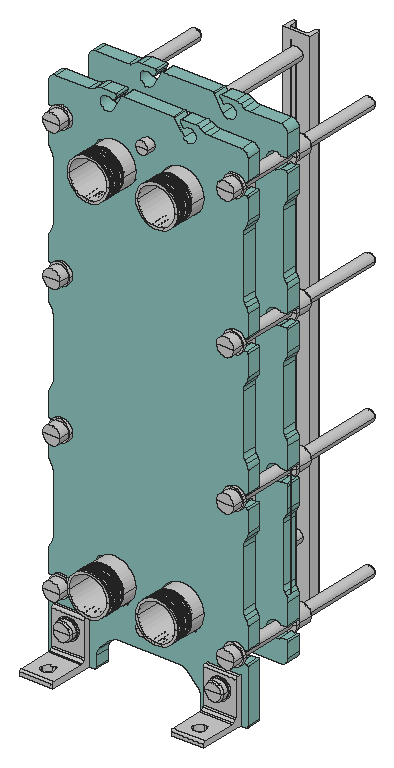
Revit family "Ekin_Endüstriyel - MIT509", category Specialty Equipment, Revit 2022
Family settings
  Round Connector Dimension = Use Diameter
  Part Type = Normal
  Work Plane-Based = No
  Always vertical = No
  Cut with Voids When Loaded = No
  Maintain Annotation Orientation = No
  Shared = No
  Room Calculation Point = No
Parameters (values of type "E12340000DD50L")
  URL = "https://en.ekinendustriyel.com/plate-heat-exchanger"
  Type Comments = "10 bar"
  Model = "E12340000DD50L"
  Material = Galvanized Steel- S235JR
  Manufacturer = "Ekin Endüstriyel"
  Keynote = "Threaded Connection"
  Description = "MIT - Heat Exchanger - 10 bar"
  Default Elevation = 0 mm
Reference planes
  plane 1 "Center (Front/Back)": y = 0
  plane 2: z = 0
  plane 3 "Center (Left/Right)": x = 0
  plane 4 "1": z = 318
  plane 5 "2": z = 73
  plane 6: z = 460
  plane 7: z = 417
  plane 8: x = 29.75
  plane 9: x = -29.75
Forms (mm)
  Extrusion 1, solid, material "Galvanized Steel - S235JR", detail levels coarse
    sketch origin (0, 0, 0) x (1, 0, 0) y (0, 0, 1)
      loop
        line (-146, 0) -> (146, 0) -> (146, 765) -> (-146, 765) -> (-146, 0)
    from 0 to -20
  Extrusion 2, solid, material "Galvanized Steel - S235JR", detail levels coarse
    sketch origin (0, 0, 0) x (1, 0, 0) y (0, 0, 1)
      loop
        line (-146, 0) -> (146, 0) -> (146, 765) -> (-146, 765) -> (-146, 0)
    from -73 to -93
  Extrusion 3, solid, material "Galvanized Steel- S235JR", detail levels coarse
    sketch origin (0, 0, 0) x (1, 0, 0) y (0, 0, 1)
      loop
        line (-146, 0) -> (146, 0) -> (146, 765) -> (-146, 765) -> (-146, 0)
    from -20 to -73
  Extrusion 4, solid, material "Galvanized Steel- S235JR", detail levels coarse
    sketch origin (0, 0, 318) x (-1, 0, 0) y (0, -1, 0)
      loop
        line (20, -270) -> (-20, -270) -> (-20, -289) -> (20, -289) -> (20, -270)
    from -318 to 427
  Extrusion 5, solid, material "Galvanized Steel- S235JR", detail levels coarse
    sketch origin (0, 0, 0) x (1, 0, 0) y (0, 0, 1)
      loop
        line (-82, 641) -> (82, 641) -> (82, 705) -> (-82, 705) -> (-82, 641)
      loop
        line (-82, 159) -> (-82, 95) -> (82, 95) -> (82, 159) -> (-82, 159)
    from 0 to 48.045
  Extrusion 6, solid, material "Galvanized Steel- S235JR", detail levels coarse
    sketch origin (0, 93, 0) x (-1, 0, 0) y (0, 0, 1)
      loop
        circle (126.8, 707.5) r 8
      loop
        circle (-126.8, 707.5) r 8
      loop
        circle (-126.8, 502.5) r 8
      loop
        circle (126.8, 502.5) r 8
      loop
        circle (126.8, 297.5) r 8
      loop
        circle (-126.8, 297.5) r 8
      loop
        circle (-126.8, 92.5) r 8
      loop
        circle (126.8, 92.5) r 8
    from 0 to 152.8
  Extrusion 7, solid, material "Galvanized Steel- S235JR", detail levels coarse
    sketch origin (-20, 270, 318) x (1, 0, 0) y (0, 0, 1)
      loop
        circle (20, 398) r 9.5
      loop
        circle (20, -234) r 9.5
    from 0 to 177
  Extrusion 8, solid, material "Galvanized Steel- S235JR", detail levels coarse
    sketch origin (0, 0, 318) x (-1, 0, 0) y (0, -1, 0)
      loop
        line (135, 67) -> (87, 67) -> (87, 0) -> (135, 0) -> (135, 67)
      loop
        line (-135, 67) -> (-135, 0) -> (-87, 0) -> (-87, 67) -> (-135, 67)
    from -318 to -251
  Extrusion 9, solid, material "Galvanized Steel - S235JR", detail levels medium
    sketch origin (0, 0, 0) x (1, 0, 0) y (0, 0, 1)
      loop
        line (-146, 0) -> (146, 0) -> (146, 765) -> (-146, 765) -> (-146, 0)
    from 0 to -20
  Extrusion 10, solid, material "Galvanized Steel - S235JR", detail levels medium
    sketch origin (0, 0, 0) x (1, 0, 0) y (0, 0, 1)
      loop
        line (-146, 0) -> (146, 0) -> (146, 765) -> (-146, 765) -> (-146, 0)
    from -73 to -93
  Extrusion 11, solid, material "Galvanized Steel- S235JR", detail levels medium
    sketch origin (0, 0, 0) x (1, 0, 0) y (0, 0, 1)
      loop
        line (-97, 674) -> (-97, 123)
        arc (-97, 123) -> (-83.234, 89.766) -> (-50, 76) r 47
        line (-50, 76) -> (-9.5, 76) -> (-9.5, 84)
        arc (-9.5, 84) -> (0, 93.5) -> (9.5, 84) r 9.5
        line (9.5, 84) -> (9.5, 76) -> (50, 76)
        arc (50, 76) -> (83.234, 89.766) -> (97, 123) r 47
        line (97, 123) -> (97, 674)
        arc (97, 674) -> (83.234, 707.234) -> (50, 721) r 47
        line (50, 721) -> (9.5, 721) -> (9.5, 713)
        arc (9.5, 713) -> (0, 703.5) -> (-9.5, 713) r 9.5
        line (-9.5, 713) -> (-9.5, 721) -> (-50, 721)
        arc (-50, 721) -> (-83.234, 707.234) -> (-97, 674) r 47
    from -73 to -20
  Extrusion 12, solid, material "Galvanized Steel- S235JR", detail levels medium
    sketch origin (0, 0, 0) x (1, 0, 0) y (0, 0, 1)
      loop
        circle (-50, 673) r 30
      loop
        circle (50, 673) r 30
      loop
        circle (-50, 127) r 30
      loop
        circle (50, 127) r 30
      loop
        circle (-50, 127) r 26.5
      loop
        circle (50, 127) r 26.5
      loop
        circle (-50, 673) r 26.5
      loop
        circle (50, 673) r 26.5
    from 0 to 48
  Extrusion 13, solid, material "Galvanized Steel- S235JR", detail levels medium
    sketch origin (0, 0, 0) x (1, 0, 0) y (0, 0, 1)
      loop
        circle (-126.8, 502.5) r 8
      loop
        circle (-126.8, 297.5) r 8
      loop
        circle (-126.8, 92.5) r 8
      loop
        circle (-126.8, 707.5) r 8
      loop
        circle (126.8, 502.5) r 8
      loop
        circle (126.8, 297.5) r 8
      loop
        circle (126.8, 92.5) r 8
      loop
        circle (126.8, 707.5) r 8
    from -245.8 to 18.7
  Extrusion 14, void
    sketch origin (0, 0, 0) x (1, 0, 0) y (0, 0, 1)
      loop
        circle (-126.8, 502.5) r 8
      loop
        circle (-126.8, 297.5) r 8
      loop
        circle (-126.8, 92.5) r 8
      loop
        circle (-126.8, 707.5) r 8
      loop
        circle (126.8, 502.5) r 8
      loop
        circle (126.8, 297.5) r 8
      loop
        circle (126.8, 92.5) r 8
      loop
        circle (126.8, 707.5) r 8
      loop
        circle (0, 716) r 9.5
      loop
        circle (0, 84) r 9.5
    from -93 to 0.5
  Extrusion 15, solid, material "Galvanized Steel- S235JR", detail levels medium
    sketch origin (0, 0, 318) x (-1, 0, 0) y (0, -1, 0)
      loop
        line (20, -289) -> (20, -270) -> (-20, -270) -> (-20, -289) -> (-14.599, -289) -> (-14.599, -275) -> (14.599, -275) -> (14.599, -289) -> (20, -289)
    from -318 to 427
  Extrusion 16, solid, material "Galvanized Steel- S235JR", detail levels medium
    sketch origin (0, 0, 0) x (0, 1, 0) y (0, 0, 1)
      loop
        line (0, 67) -> (-8, 67) -> (-8, 8) -> (-67, 8) -> (-67, 0) -> (0, 0) -> (0, 67)
    from -135 to -87
  Extrusion 17, solid, material "Galvanized Steel- S235JR", detail levels medium
    sketch origin (0, 0, 0) x (0, 1, 0) y (0, 0, 1)
      loop
        line (0, 67) -> (-8, 67) -> (-8, 8) -> (-67, 8) -> (-67, 0) -> (0, 0) -> (0, 67)
    from 87 to 135
  Extrusion 18, solid, material "Galvanized Steel- S235JR", detail levels medium
    sketch origin (0, 0, 0) x (1, 0, 0) y (0, 0, 1)
      loop
        circle (-111, 45) r 7
      loop
        circle (111, 45) r 7
    from -39.3 to 20.7
  Extrusion 19, solid, material "Galvanized Steel- S235JR", detail levels medium
    sketch origin (0, 93, 0) x (-1, 0, 0) y (0, 0, 1)
      loop
        circle (0, 84) r 9.5
      loop
        circle (0, 716) r 9.5
    from -105 to 177
  Extrusion 20, solid, material "Galvanized Steel - S235JR", detail levels fine
    sketch origin (0, 0, 0) x (1, 0, 0) y (0, 0, 1)
      loop
        arc (-146, 3) -> (-145.121, 0.879) -> (-143, 0) r 3
        line (-143, 0) -> (-116, 0)
        arc (-116, 0) -> (-114.586, 0.586) -> (-114, 2) r 2
        line (-114, 2) -> (-114, 33.544)
        arc (-114, 33.544) -> (-114.327, 34.639) -> (-115.2, 35.377) r 2
        arc (-115.2, 35.377) -> (-111, 55.5) -> (-106.8, 35.377) r 10.5
        arc (-106.8, 35.377) -> (-107.673, 34.639) -> (-108, 33.544) r 2
        line (-108, 33.544) -> (-108, 2)
        arc (-108, 2) -> (-107.414, 0.586) -> (-106, 0) r 2
        line (-106, 0) -> (-79, 0)
        arc (-79, 0) -> (-76.879, 0.879) -> (-76, 3) r 3
        line (-76, 3) -> (-76, 18.787)
        arc (-76, 18.787) -> (-74.858, 24.527) -> (-71.607, 29.393) r 15
        line (-71.607, 29.393) -> (-55.393, 45.607)
        arc (-55.393, 45.607) -> (-50.527, 48.858) -> (-44.787, 50) r 15
        line (-44.787, 50) -> (44.787, 50)
        arc (44.787, 50) -> (50.527, 48.858) -> (55.393, 45.607) r 15
        line (55.393, 45.607) -> (71.607, 29.393)
        arc (71.607, 29.393) -> (74.858, 24.527) -> (76, 18.787) r 15
        line (76, 18.787) -> (76, 3)
        arc (76, 3) -> (76.879, 0.879) -> (79, 0) r 3
        line (79, 0) -> (106, 0)
        arc (106, 0) -> (107.414, 0.586) -> (108, 2) r 2
        line (108, 2) -> (108, 33.544)
        arc (108, 33.544) -> (107.673, 34.639) -> (106.8, 35.377) r 2
        arc (106.8, 35.377) -> (111, 55.5) -> (115.2, 35.377) r 10.5
        arc (115.2, 35.377) -> (114.327, 34.639) -> (114, 33.544) r 2
        line (114, 33.544) -> (114, 2)
        arc (114, 2) -> (114.586, 0.586) -> (116, 0) r 2
        line (116, 0) -> (143, 0)
        arc (143, 0) -> (145.121, 0.879) -> (146, 3) r 3
        line (146, 3) -> (146, 81.75)
        arc (146, 81.75) -> (145.414, 83.164) -> (144, 83.75) r 2
        line (144, 83.75) -> (135.769, 83.75)
        arc (135.769, 83.75) -> (135.087, 83.63) -> (134.487, 83.286) r 2
        arc (134.487, 83.286) -> (114.8, 92.5) -> (134.487, 101.714) r 12
        arc (134.487, 101.714) -> (135.087, 101.37) -> (135.769, 101.25) r 2
        line (135.769, 101.25) -> (144, 101.25)
        arc (144, 101.25) -> (145.414, 101.836) -> (146, 103.25) r 2
        line (146, 103.25) -> (146, 133.856)
        arc (146, 133.856) -> (145.489, 137.739) -> (143.99, 141.356) r 15
        line (143.99, 141.356) -> (141.01, 146.519)
        arc (141.01, 146.519) -> (139.511, 150.137) -> (139, 154.019) r 15
        line (139, 154.019) -> (139, 235.981)
        arc (139, 235.981) -> (139.511, 239.863) -> (141.01, 243.481) r 15
        line (141.01, 243.481) -> (143.99, 248.644)
        arc (143.99, 248.644) -> (145.489, 252.261) -> (146, 256.144) r 15
        line (146, 256.144) -> (146, 286.75)
        arc (146, 286.75) -> (145.414, 288.164) -> (144, 288.75) r 2
        line (144, 288.75) -> (135.769, 288.75)
        arc (135.769, 288.75) -> (135.087, 288.63) -> (134.487, 288.286) r 2
        arc (134.487, 288.286) -> (114.8, 297.5) -> (134.487, 306.714) r 12
        arc (134.487, 306.714) -> (135.087, 306.37) -> (135.769, 306.25) r 2
        line (135.769, 306.25) -> (144, 306.25)
        arc (144, 306.25) -> (145.414, 306.836) -> (146, 308.25) r 2
        line (146, 308.25) -> (146, 338.856)
        arc (146, 338.856) -> (145.489, 342.739) -> (143.99, 346.356) r 15
        line (143.99, 346.356) -> (141.01, 351.519)
        arc (141.01, 351.519) -> (139.511, 355.137) -> (139, 359.019) r 15
        line (139, 359.019) -> (139, 440.981)
        arc (139, 440.981) -> (139.511, 444.863) -> (141.01, 448.481) r 15
        line (141.01, 448.481) -> (143.99, 453.644)
        arc (143.99, 453.644) -> (145.489, 457.261) -> (146, 461.144) r 15
        line (146, 461.144) -> (146, 491.75)
        arc (146, 491.75) -> (145.414, 493.164) -> (144, 493.75) r 2
        line (144, 493.75) -> (135.769, 493.75)
        arc (135.769, 493.75) -> (135.087, 493.63) -> (134.487, 493.286) r 2
        arc (134.487, 493.286) -> (114.8, 502.5) -> (134.487, 511.714) r 12
        arc (134.487, 511.714) -> (135.087, 511.37) -> (135.769, 511.25) r 2
        line (135.769, 511.25) -> (144, 511.25)
        arc (144, 511.25) -> (145.414, 511.836) -> (146, 513.25) r 2
        line (146, 513.25) -> (146, 543.856)
        arc (146, 543.856) -> (145.489, 547.739) -> (143.99, 551.356) r 15
        line (143.99, 551.356) -> (141.01, 556.519)
        arc (141.01, 556.519) -> (139.511, 560.137) -> (139, 564.019) r 15
        line (139, 564.019) -> (139, 645.981)
        arc (139, 645.981) -> (139.511, 649.863) -> (141.01, 653.481) r 15
        line (141.01, 653.481) -> (143.99, 658.644)
        arc (143.99, 658.644) -> (145.489, 662.261) -> (146, 666.144) r 15
        line (146, 666.144) -> (146, 696.75)
        arc (146, 696.75) -> (145.414, 698.164) -> (144, 698.75) r 2
        line (144, 698.75) -> (135.769, 698.75)
        arc (135.769, 698.75) -> (135.087, 698.63) -> (134.487, 698.286) r 2
        arc (134.487, 698.286) -> (114.8, 707.5) -> (134.487, 716.714) r 12
        arc (134.487, 716.714) -> (135.087, 716.37) -> (135.769, 716.25) r 2
        line (135.769, 716.25) -> (144, 716.25)
        arc (144, 716.25) -> (145.414, 716.836) -> (146, 718.25) r 2
        line (146, 718.25) -> (146, 748)
        arc (146, 748) -> (143.071, 755.071) -> (136, 758) r 10
        line (136, 758) -> (89.144, 758)
        arc (89.144, 758) -> (85.261, 758.511) -> (81.644, 760.01) r 15
        line (81.644, 760.01) -> (76.481, 762.99)
        arc (76.481, 762.99) -> (72.863, 764.489) -> (68.981, 765) r 15
        line (68.981, 765) -> (48.453, 765)
        arc (48.453, 765) -> (46.721, 764) -> (46.721, 762) r 2
        line (46.721, 762) -> (49.979, 756.357)
        arc (49.979, 756.357) -> (51.39, 755.383) -> (53.037, 755.86) r 2
        arc (53.037, 755.86) -> (70.364, 746.316) -> (50.907, 742.75) r 10.5
        line (50.907, 742.75) -> (38.638, 764)
        arc (38.638, 764) -> (37.906, 764.732) -> (36.906, 765) r 2
        line (36.906, 765) -> (-36.906, 765)
        arc (-36.906, 765) -> (-37.906, 764.732) -> (-38.638, 764) r 2
        line (-38.638, 764) -> (-50.907, 742.75)
        arc (-50.907, 742.75) -> (-70.364, 746.316) -> (-53.037, 755.86) r 10.5
        arc (-53.037, 755.86) -> (-51.39, 755.383) -> (-49.979, 756.357) r 2
        line (-49.979, 756.357) -> (-46.721, 762)
        arc (-46.721, 762) -> (-46.721, 764) -> (-48.453, 765) r 2
        line (-48.453, 765) -> (-68.981, 765)
        arc (-68.981, 765) -> (-72.863, 764.489) -> (-76.481, 762.99) r 15
        line (-76.481, 762.99) -> (-81.644, 760.01)
        arc (-81.644, 760.01) -> (-85.261, 758.511) -> (-89.144, 758) r 15
        line (-89.144, 758) -> (-136, 758)
        arc (-136, 758) -> (-143.071, 755.071) -> (-146, 748) r 10
        line (-146, 748) -> (-146, 718.25)
        arc (-146, 718.25) -> (-145.414, 716.836) -> (-144, 716.25) r 2
        line (-144, 716.25) -> (-135.769, 716.25)
        arc (-135.769, 716.25) -> (-135.087, 716.37) -> (-134.487, 716.714) r 2
        arc (-134.487, 716.714) -> (-114.8, 707.5) -> (-134.487, 698.286) r 12
        arc (-134.487, 698.286) -> (-135.087, 698.63) -> (-135.769, 698.75) r 2
        line (-135.769, 698.75) -> (-144, 698.75)
        arc (-144, 698.75) -> (-145.414, 698.164) -> (-146, 696.75) r 2
        line (-146, 696.75) -> (-146, 666.144)
        arc (-146, 666.144) -> (-145.489, 662.261) -> (-143.99, 658.644) r 15
        line (-143.99, 658.644) -> (-141.01, 653.481)
        arc (-141.01, 653.481) -> (-139.511, 649.863) -> (-139, 645.981) r 15
        line (-139, 645.981) -> (-139, 564.019)
        arc (-139, 564.019) -> (-139.511, 560.137) -> (-141.01, 556.519) r 15
        line (-141.01, 556.519) -> (-143.99, 551.356)
        arc (-143.99, 551.356) -> (-145.489, 547.739) -> (-146, 543.856) r 15
        line (-146, 543.856) -> (-146, 513.25)
        arc (-146, 513.25) -> (-145.414, 511.836) -> (-144, 511.25) r 2
        line (-144, 511.25) -> (-135.769, 511.25)
        arc (-135.769, 511.25) -> (-135.087, 511.37) -> (-134.487, 511.714) r 2
        arc (-134.487, 511.714) -> (-114.8, 502.5) -> (-134.487, 493.286) r 12
        arc (-134.487, 493.286) -> (-135.087, 493.63) -> (-135.769, 493.75) r 2
        line (-135.769, 493.75) -> (-144, 493.75)
        arc (-144, 493.75) -> (-145.414, 493.164) -> (-146, 491.75) r 2
        line (-146, 491.75) -> (-146, 461.144)
        arc (-146, 461.144) -> (-145.489, 457.261) -> (-143.99, 453.644) r 15
        line (-143.99, 453.644) -> (-141.01, 448.481)
        arc (-141.01, 448.481) -> (-139.511, 444.863) -> (-139, 440.981) r 15
        line (-139, 440.981) -> (-139, 359.019)
        arc (-139, 359.019) -> (-139.511, 355.137) -> (-141.01, 351.519) r 15
        line (-141.01, 351.519) -> (-143.99, 346.356)
        arc (-143.99, 346.356) -> (-145.489, 342.739) -> (-146, 338.856) r 15
        line (-146, 338.856) -> (-146, 308.25)
        arc (-146, 308.25) -> (-145.414, 306.836) -> (-144, 306.25) r 2
        line (-144, 306.25) -> (-135.769, 306.25)
        arc (-135.769, 306.25) -> (-135.087, 306.37) -> (-134.487, 306.714) r 2
        arc (-134.487, 306.714) -> (-114.8, 297.5) -> (-134.487, 288.286) r 12
        arc (-134.487, 288.286) -> (-135.087, 288.63) -> (-135.769, 288.75) r 2
        line (-135.769, 288.75) -> (-144, 288.75)
        arc (-144, 288.75) -> (-145.414, 288.164) -> (-146, 286.75) r 2
        line (-146, 286.75) -> (-146, 256.144)
        arc (-146, 256.144) -> (-145.489, 252.261) -> (-143.99, 248.644) r 15
        line (-143.99, 248.644) -> (-141.01, 243.481)
        arc (-141.01, 243.481) -> (-139.511, 239.863) -> (-139, 235.981) r 15
        line (-139, 235.981) -> (-139, 154.019)
        arc (-139, 154.019) -> (-139.511, 150.137) -> (-141.01, 146.519) r 15
        line (-141.01, 146.519) -> (-143.99, 141.356)
        arc (-143.99, 141.356) -> (-145.489, 137.739) -> (-146, 133.856) r 15
        line (-146, 133.856) -> (-146, 103.25)
        arc (-146, 103.25) -> (-145.414, 101.836) -> (-144, 101.25) r 2
        line (-144, 101.25) -> (-135.769, 101.25)
        arc (-135.769, 101.25) -> (-135.087, 101.37) -> (-134.487, 101.714) r 2
        arc (-134.487, 101.714) -> (-114.8, 92.5) -> (-134.487, 83.286) r 12
        arc (-134.487, 83.286) -> (-135.087, 83.63) -> (-135.769, 83.75) r 2
        line (-135.769, 83.75) -> (-144, 83.75)
        arc (-144, 83.75) -> (-145.414, 83.164) -> (-146, 81.75) r 2
        line (-146, 81.75) -> (-146, 3)
      loop
        circle (-50, 127) r 32
      loop
        circle (50, 127) r 32
      loop
        circle (-50, 673) r 32
      loop
        circle (50, 673) r 32
      loop
        circle (0, 716) r 8
      loop
        circle (0, 84) r 8
    from -20 to 0
  Extrusion 21, solid, material "Galvanized Steel - S235JR", detail levels fine
    sketch origin (0, 0, 0) x (1, 0, 0) y (0, 0, 1)
      loop
        arc (-146, 60) -> (-143.071, 52.929) -> (-136, 50) r 10
        line (-136, 50) -> (-21, 50)
        arc (-21, 50) -> (-13.929, 52.929) -> (-11, 60) r 10
        line (-11, 60) -> (-11, 84)
        arc (-11, 84) -> (0, 95) -> (11, 84) r 11
        line (11, 84) -> (11, 60)
        arc (11, 60) -> (13.929, 52.929) -> (21, 50) r 10
        line (21, 50) -> (136, 50)
        arc (136, 50) -> (143.071, 52.929) -> (146, 60) r 10
        line (146, 60) -> (146, 81.75)
        arc (146, 81.75) -> (145.414, 83.164) -> (144, 83.75) r 2
        line (144, 83.75) -> (135.769, 83.75)
        arc (135.769, 83.75) -> (135.087, 83.63) -> (134.487, 83.286) r 2
        arc (134.487, 83.286) -> (114.8, 92.5) -> (134.487, 101.714) r 12
        arc (134.487, 101.714) -> (135.087, 101.37) -> (135.769, 101.25) r 2
        line (135.769, 101.25) -> (144, 101.25)
        arc (144, 101.25) -> (145.414, 101.836) -> (146, 103.25) r 2
        line (146, 103.25) -> (146, 133.856)
        arc (146, 133.856) -> (145.489, 137.739) -> (143.99, 141.356) r 15
        line (143.99, 141.356) -> (141.01, 146.519)
        arc (141.01, 146.519) -> (139.511, 150.137) -> (139, 154.019) r 15
        line (139, 154.019) -> (139, 235.981)
        arc (139, 235.981) -> (139.511, 239.863) -> (141.01, 243.481) r 15
        line (141.01, 243.481) -> (143.99, 248.644)
        arc (143.99, 248.644) -> (145.489, 252.261) -> (146, 256.144) r 15
        line (146, 256.144) -> (146, 286.75)
        arc (146, 286.75) -> (145.414, 288.164) -> (144, 288.75) r 2
        line (144, 288.75) -> (135.769, 288.75)
        arc (135.769, 288.75) -> (135.087, 288.63) -> (134.487, 288.286) r 2
        arc (134.487, 288.286) -> (114.8, 297.5) -> (134.487, 306.714) r 12
        arc (134.487, 306.714) -> (135.087, 306.37) -> (135.769, 306.25) r 2
        line (135.769, 306.25) -> (144, 306.25)
        arc (144, 306.25) -> (145.414, 306.836) -> (146, 308.25) r 2
        line (146, 308.25) -> (146, 338.856)
        arc (146, 338.856) -> (145.489, 342.739) -> (143.99, 346.356) r 15
        line (143.99, 346.356) -> (141.01, 351.519)
        arc (141.01, 351.519) -> (139.511, 355.137) -> (139, 359.019) r 15
        line (139, 359.019) -> (139, 440.981)
        arc (139, 440.981) -> (139.511, 444.863) -> (141.01, 448.481) r 15
        line (141.01, 448.481) -> (143.99, 453.644)
        arc (143.99, 453.644) -> (145.489, 457.261) -> (146, 461.144) r 15
        line (146, 461.144) -> (146, 491.75)
        arc (146, 491.75) -> (145.414, 493.164) -> (144, 493.75) r 2
        line (144, 493.75) -> (135.769, 493.75)
        arc (135.769, 493.75) -> (135.087, 493.63) -> (134.487, 493.286) r 2
        arc (134.487, 493.286) -> (114.8, 502.5) -> (134.487, 511.714) r 12
        arc (134.487, 511.714) -> (135.087, 511.37) -> (135.769, 511.25) r 2
        line (135.769, 511.25) -> (144, 511.25)
        arc (144, 511.25) -> (145.414, 511.836) -> (146, 513.25) r 2
        line (146, 513.25) -> (146, 543.856)
        arc (146, 543.856) -> (145.489, 547.739) -> (143.99, 551.356) r 15
        line (143.99, 551.356) -> (141.01, 556.519)
        arc (141.01, 556.519) -> (139.511, 560.137) -> (139, 564.019) r 15
        line (139, 564.019) -> (139, 645.981)
        arc (139, 645.981) -> (139.511, 649.863) -> (141.01, 653.481) r 15
        line (141.01, 653.481) -> (143.99, 658.644)
        arc (143.99, 658.644) -> (145.489, 662.261) -> (146, 666.144) r 15
        line (146, 666.144) -> (146, 696.75)
        arc (146, 696.75) -> (145.414, 698.164) -> (144, 698.75) r 2
        line (144, 698.75) -> (135.769, 698.75)
        arc (135.769, 698.75) -> (135.087, 698.63) -> (134.487, 698.286) r 2
        arc (134.487, 698.286) -> (114.8, 707.5) -> (134.487, 716.714) r 12
        arc (134.487, 716.714) -> (135.087, 716.37) -> (135.769, 716.25) r 2
        line (135.769, 716.25) -> (144, 716.25)
        arc (144, 716.25) -> (145.414, 716.836) -> (146, 718.25) r 2
        line (146, 718.25) -> (146, 748)
        arc (146, 748) -> (143.071, 755.071) -> (136, 758) r 10
        line (136, 758) -> (89.144, 758)
        arc (89.144, 758) -> (85.261, 758.511) -> (81.644, 760.01) r 15
        line (81.644, 760.01) -> (76.481, 762.99)
        arc (76.481, 762.99) -> (72.863, 764.489) -> (68.981, 765) r 15
        line (68.981, 765) -> (48.453, 765)
        arc (48.453, 765) -> (46.721, 764) -> (46.721, 762) r 2
        line (46.721, 762) -> (49.979, 756.357)
        arc (49.979, 756.357) -> (51.39, 755.383) -> (53.037, 755.86) r 2
        arc (53.037, 755.86) -> (70.364, 746.316) -> (50.907, 742.75) r 10.5
        line (50.907, 742.75) -> (38.638, 764)
        arc (38.638, 764) -> (37.906, 764.732) -> (36.906, 765) r 2
        line (36.906, 765) -> (-36.906, 765)
        arc (-36.906, 765) -> (-37.906, 764.732) -> (-38.638, 764) r 2
        line (-38.638, 764) -> (-50.907, 742.75)
        arc (-50.907, 742.75) -> (-70.364, 746.316) -> (-53.037, 755.86) r 10.5
        arc (-53.037, 755.86) -> (-51.39, 755.383) -> (-49.979, 756.357) r 2
        line (-49.979, 756.357) -> (-46.721, 762)
        arc (-46.721, 762) -> (-46.721, 764) -> (-48.453, 765) r 2
        line (-48.453, 765) -> (-68.981, 765)
        arc (-68.981, 765) -> (-72.863, 764.489) -> (-76.481, 762.99) r 15
        line (-76.481, 762.99) -> (-81.644, 760.01)
        arc (-81.644, 760.01) -> (-85.261, 758.511) -> (-89.144, 758) r 15
        line (-89.144, 758) -> (-136, 758)
        arc (-136, 758) -> (-143.071, 755.071) -> (-146, 748) r 10
        line (-146, 748) -> (-146, 718.25)
        arc (-146, 718.25) -> (-145.414, 716.836) -> (-144, 716.25) r 2
        line (-144, 716.25) -> (-135.769, 716.25)
        arc (-135.769, 716.25) -> (-135.087, 716.37) -> (-134.487, 716.714) r 2
        arc (-134.487, 716.714) -> (-114.8, 707.5) -> (-134.487, 698.286) r 12
        arc (-134.487, 698.286) -> (-135.087, 698.63) -> (-135.769, 698.75) r 2
        line (-135.769, 698.75) -> (-144, 698.75)
        arc (-144, 698.75) -> (-145.414, 698.164) -> (-146, 696.75) r 2
        line (-146, 696.75) -> (-146, 666.144)
        arc (-146, 666.144) -> (-145.489, 662.261) -> (-143.99, 658.644) r 15
        line (-143.99, 658.644) -> (-141.01, 653.481)
        arc (-141.01, 653.481) -> (-139.511, 649.863) -> (-139, 645.981) r 15
        line (-139, 645.981) -> (-139, 564.019)
        arc (-139, 564.019) -> (-139.511, 560.137) -> (-141.01, 556.519) r 15
        line (-141.01, 556.519) -> (-143.99, 551.356)
        arc (-143.99, 551.356) -> (-145.489, 547.739) -> (-146, 543.856) r 15
        line (-146, 543.856) -> (-146, 513.25)
        arc (-146, 513.25) -> (-145.414, 511.836) -> (-144, 511.25) r 2
        line (-144, 511.25) -> (-135.769, 511.25)
        arc (-135.769, 511.25) -> (-135.087, 511.37) -> (-134.487, 511.714) r 2
        arc (-134.487, 511.714) -> (-114.8, 502.5) -> (-134.487, 493.286) r 12
        arc (-134.487, 493.286) -> (-135.087, 493.63) -> (-135.769, 493.75) r 2
        line (-135.769, 493.75) -> (-144, 493.75)
        arc (-144, 493.75) -> (-145.414, 493.164) -> (-146, 491.75) r 2
        line (-146, 491.75) -> (-146, 461.144)
        arc (-146, 461.144) -> (-145.489, 457.261) -> (-143.99, 453.644) r 15
        line (-143.99, 453.644) -> (-141.01, 448.481)
        arc (-141.01, 448.481) -> (-139.511, 444.863) -> (-139, 440.981) r 15
        line (-139, 440.981) -> (-139, 359.019)
        arc (-139, 359.019) -> (-139.511, 355.137) -> (-141.01, 351.519) r 15
        line (-141.01, 351.519) -> (-143.99, 346.356)
        arc (-143.99, 346.356) -> (-145.489, 342.739) -> (-146, 338.856) r 15
        line (-146, 338.856) -> (-146, 308.25)
        arc (-146, 308.25) -> (-145.414, 306.836) -> (-144, 306.25) r 2
        line (-144, 306.25) -> (-135.769, 306.25)
        arc (-135.769, 306.25) -> (-135.087, 306.37) -> (-134.487, 306.714) r 2
        arc (-134.487, 306.714) -> (-114.8, 297.5) -> (-134.487, 288.286) r 12
        arc (-134.487, 288.286) -> (-135.087, 288.63) -> (-135.769, 288.75) r 2
        line (-135.769, 288.75) -> (-144, 288.75)
        arc (-144, 288.75) -> (-145.414, 288.164) -> (-146, 286.75) r 2
        line (-146, 286.75) -> (-146, 256.144)
        arc (-146, 256.144) -> (-145.489, 252.261) -> (-143.99, 248.644) r 15
        line (-143.99, 248.644) -> (-141.01, 243.481)
        arc (-141.01, 243.481) -> (-139.511, 239.863) -> (-139, 235.981) r 15
        line (-139, 235.981) -> (-139, 154.019)
        arc (-139, 154.019) -> (-139.511, 150.137) -> (-141.01, 146.519) r 15
        line (-141.01, 146.519) -> (-143.99, 141.356)
        arc (-143.99, 141.356) -> (-145.489, 137.739) -> (-146, 133.856) r 15
        line (-146, 133.856) -> (-146, 103.25)
        arc (-146, 103.25) -> (-145.414, 101.836) -> (-144, 101.25) r 2
        line (-144, 101.25) -> (-135.769, 101.25)
        arc (-135.769, 101.25) -> (-135.087, 101.37) -> (-134.487, 101.714) r 2
        arc (-134.487, 101.714) -> (-114.8, 92.5) -> (-134.487, 83.286) r 12
        arc (-134.487, 83.286) -> (-135.087, 83.63) -> (-135.769, 83.75) r 2
        line (-135.769, 83.75) -> (-144, 83.75)
        arc (-144, 83.75) -> (-145.414, 83.164) -> (-146, 81.75) r 2
        line (-146, 81.75) -> (-146, 60)
      loop
        circle (0, 716) r 11
    from -93 to -73
  Extrusion 22, solid, material "Galvanized Steel- S235JR", detail levels fine
    sketch origin (0, 0, 0) x (1, 0, 0) y (0, 0, 1)
      loop
        line (97, 123) -> (97, 674)
        arc (97, 674) -> (83.234, 707.234) -> (50, 721) r 47
        line (50, 721) -> (9.5, 721) -> (9.5, 713)
        arc (9.5, 713) -> (0, 703.5) -> (-9.5, 713) r 9.5
        line (-9.5, 713) -> (-9.5, 721) -> (-50, 721)
        arc (-50, 721) -> (-83.234, 707.234) -> (-97, 674) r 47
        line (-97, 674) -> (-97, 123)
        arc (-97, 123) -> (-83.234, 89.766) -> (-50, 76) r 47
        line (-50, 76) -> (-9.5, 76) -> (-9.5, 83)
        arc (-9.5, 83) -> (0, 92.5) -> (9.5, 83) r 9.5
        line (9.5, 83) -> (9.5, 76) -> (50, 76)
        arc (50, 76) -> (83.234, 89.766) -> (97, 123) r 47
      loop
        circle (-50, 673) r 32
      loop
        circle (50, 673) r 32
      loop
        circle (-50, 127) r 32
      loop
        circle (50, 127) r 32
    from -73 to -20
  Extrusion 23, solid, material "Galvanized Steel- S235JR", detail levels fine
    sketch origin (0, 0, 318) x (-1, 0, 0) y (0, -1, 0)
      loop
        arc (14.599, -286.757) -> (17.519, -288.989) -> (20, -286.279) r 2.721
        line (20, -286.279) -> (20, -270) -> (-20, -270) -> (-20, -286.279)
        arc (-20, -286.279) -> (-17.519, -288.989) -> (-14.599, -286.757) r 2.721
        line (-14.599, -286.757) -> (-12.868, -277.061)
        arc (-12.868, -277.061) -> (-12.012, -275.583) -> (-10.407, -275) r 2.5
        line (-10.407, -275) -> (10.407, -275)
        arc (10.407, -275) -> (12.012, -275.583) -> (12.868, -277.061) r 2.5
        line (12.868, -277.061) -> (14.599, -286.757)
    from 427 to -318
  Revolve 24, solid, material "Galvanized Steel- S235JR", detail levels fine
    sketch origin (-0.866, 0, 297.215) x (-1, 0, 0) y (0, -1, 0)
      loop
        line (134.8, -243.8) -> (134.8, -122.7) -> (138.8, -122.7) -> (140.221, -120.846) -> (140.221, -99.061) -> (138.8, -97.2) -> (141.8, -97.2) -> (141.8, -93) -> (134.8, -93) -> (134.8, 0) -> (141.8, 0) -> (141.8, 4.2) -> (139.175, 4.2) -> (139.175, 18.7) -> (126.37, 18.7) -> (126.37, -245.8) -> (133.645, -245.8) -> (134.8, -243.8)
      axis (126.37, 18.7) -> (126.37, -245.8)
    angle from 0 to 360
  Revolve 25, solid, material "Galvanized Steel- S235JR", detail levels fine
    sketch origin (0.866, 0, 297.215) x (1, 0, 0) y (0, 1, 0)
      loop
        line (134.8, 243.8) -> (133.645, 245.8) -> (126.37, 245.8) -> (126.37, -18.7) -> (139.175, -18.7) -> (139.175, -4.2) -> (141.8, -4.2) -> (141.8, 0) -> (134.8, 0) -> (134.8, 93) -> (141.8, 93) -> (141.8, 97.2) -> (138.8, 97.2) -> (140.221, 99.061) -> (140.221, 120.846) -> (138.8, 122.7) -> (134.8, 122.7) -> (134.8, 243.8)
      axis (126.37, -18.7) -> (126.37, 245.8)
    angle from 0 to 360
  Revolve 26, solid, material "Galvanized Steel- S235JR", detail levels fine
    sketch origin (-0.866, 0, 502.59) x (0, 1, 0) y (-1, 0, 0)
      loop
        line (243.8, 134.8) -> (122.7, 134.8) -> (122.7, 138.8) -> (120.846, 140.221) -> (99.061, 140.221) -> (97.2, 138.8) -> (97.2, 141.8) -> (93, 141.8) -> (93, 134.8) -> (0, 134.8) -> (0, 141.8) -> (-4.2, 141.8) -> (-4.2, 139.175) -> (-18.7, 139.175) -> (-18.7, 126.37) -> (245.8, 126.37) -> (245.8, 133.645) -> (243.8, 134.8)
      axis (-18.7, 126.37) -> (245.8, 126.37)
    angle from 0 to 360
  Revolve 27, solid, material "Galvanized Steel- S235JR", detail levels fine
    sketch origin (0.866, 0, 502.59) x (0, -1, 0) y (1, 0, 0)
      loop
        line (-243.8, 134.8) -> (-245.8, 133.645) -> (-245.8, 126.37) -> (18.7, 126.37) -> (18.7, 139.175) -> (4.2, 139.175) -> (4.2, 141.8) -> (0, 141.8) -> (0, 134.8) -> (-93, 134.8) -> (-93, 141.8) -> (-97.2, 141.8) -> (-97.2, 138.8) -> (-99.061, 140.221) -> (-120.846, 140.221) -> (-122.7, 138.8) -> (-122.7, 134.8) -> (-243.8, 134.8)
      axis (18.7, 126.37) -> (-245.8, 126.37)
    angle from 0 to 360
  Revolve 28, solid, material "Galvanized Steel- S235JR", detail levels fine
    sketch origin (-0.866, 0, 707.59) x (0, 1, 0) y (-1, 0, 0)
      loop
        line (243.8, 134.8) -> (122.7, 134.8) -> (122.7, 138.8) -> (120.846, 140.221) -> (99.061, 140.221) -> (97.2, 138.8) -> (97.2, 141.8) -> (93, 141.8) -> (93, 134.8) -> (0, 134.8) -> (0, 141.8) -> (-4.2, 141.8) -> (-4.2, 139.175) -> (-18.7, 139.175) -> (-18.7, 126.37) -> (245.8, 126.37) -> (245.8, 133.645) -> (243.8, 134.8)
      axis (-18.7, 126.37) -> (245.8, 126.37)
    angle from 0 to 360
  Revolve 29, solid, material "Galvanized Steel- S235JR", detail levels fine
    sketch origin (0.866, 0, 707.59) x (0, -1, 0) y (1, 0, 0)
      loop
        line (-243.8, 134.8) -> (-245.8, 133.645) -> (-245.8, 126.37) -> (18.7, 126.37) -> (18.7, 139.175) -> (4.2, 139.175) -> (4.2, 141.8) -> (0, 141.8) -> (0, 134.8) -> (-93, 134.8) -> (-93, 141.8) -> (-97.2, 141.8) -> (-97.2, 138.8) -> (-99.061, 140.221) -> (-120.846, 140.221) -> (-122.7, 138.8) -> (-122.7, 134.8) -> (-243.8, 134.8)
      axis (18.7, 126.37) -> (-245.8, 126.37)
    angle from 0 to 360
  Revolve 30, solid, material "Galvanized Steel- S235JR", detail levels fine
    sketch origin (-0.866, 0, 92.59) x (0, 1, 0) y (-1, 0, 0)
      loop
        line (243.8, 134.8) -> (122.7, 134.8) -> (122.7, 138.8) -> (120.846, 140.221) -> (99.061, 140.221) -> (97.2, 138.8) -> (97.2, 141.8) -> (93, 141.8) -> (93, 134.8) -> (0, 134.8) -> (0, 141.8) -> (-4.2, 141.8) -> (-4.2, 139.175) -> (-18.7, 139.175) -> (-18.7, 126.37) -> (245.8, 126.37) -> (245.8, 133.645) -> (243.8, 134.8)
      axis (-18.7, 126.37) -> (245.8, 126.37)
    angle from 0 to 360
  Revolve 31, solid, material "Galvanized Steel- S235JR", detail levels fine
    sketch origin (0.866, 0, 92.59) x (0, -1, 0) y (1, 0, 0)
      loop
        line (-243.8, 134.8) -> (-245.8, 133.645) -> (-245.8, 126.37) -> (18.7, 126.37) -> (18.7, 139.175) -> (4.2, 139.175) -> (4.2, 141.8) -> (0, 141.8) -> (0, 134.8) -> (-93, 134.8) -> (-93, 141.8) -> (-97.2, 141.8) -> (-97.2, 138.8) -> (-99.061, 140.221) -> (-120.846, 140.221) -> (-122.7, 138.8) -> (-122.7, 134.8) -> (-243.8, 134.8)
      axis (18.7, 126.37) -> (-245.8, 126.37)
    angle from 0 to 360
  Revolve 32, solid, material "Galvanized Steel- S235JR", detail levels fine
    sketch origin (0, 0, 716.03) x (-1, 0, 0) y (0, -1, 0)
      loop
        line (0, -287) -> (9, -287) -> (9, -275) -> (6, -275) -> (6, -270) -> (9.5, -270) -> (9.5, -22) -> (6.243, -22) -> (6.243, 0) -> (9, 0) -> (9, 12) -> (0, 12) -> (0, -287)
      axis (0, 12) -> (0, -287)
    angle from 0 to 360
  Revolve 33, solid, material "Galvanized Steel- S235JR", detail levels fine
    sketch origin (0, 0, 84.017) x (0, 1, 0) y (-1, 0, 0)
      loop
        line (287, 0) -> (287, 9) -> (275, 9) -> (275, 6) -> (270, 6) -> (270, 9.5) -> (22, 9.5) -> (22, 6.243) -> (0, 6.243) -> (0, 9) -> (-12, 9) -> (-12, 0) -> (287, 0)
      axis (-12, 0) -> (287, 0)
    angle from 0 to 360
  Revolve 34, solid, material "Galvanized Steel- S235JR", detail levels fine
    sketch origin (0, 0, 673) x (-1, 0, 0) y (0, -1, 0)
      loop
        line (78.979, 31.061) -> (80.111, 32.084) -> (78.979, 33.106) -> (80.111, 34.051) -> (78.979, 34.997) -> (80.111, 36.019) -> (78.979, 37.042) -> (80.111, 37.987) -> (78.979, 38.933) -> (80.111, 39.955) -> (78.979, 40.977) -> (80.111, 41.923) -> (78.979, 42.868) -> (80.111, 43.891) -> (78.979, 44.913) -> (80.111, 45.858) -> (78.979, 46.804) -> (80.354, 48.045) -> (77.111, 48.045) -> (77.111, -20) -> (76.283, -20) -> (77.5, -22.289) -> (77.5, -73) -> (80.111, -73) -> (80.111, 20.277) -> (78.979, 21.299) -> (80.111, 22.245) -> (78.979, 23.19) -> (80.111, 24.212) -> (78.979, 25.235) -> (80.111, 26.18) -> (78.979, 27.126) -> (80.111, 28.148) -> (78.979, 29.17) -> (80.111, 30.116) -> (78.979, 31.061)
      axis (50, 48.045) -> (50, -73)
    angle from 0 to 360
  Revolve 35, solid, material "Galvanized Steel- S235JR", detail levels fine
    sketch origin (0, 0, 673) x (1, 0, 0) y (0, 1, 0)
      loop
        line (78.979, -31.061) -> (80.111, -30.116) -> (78.979, -29.17) -> (80.111, -28.148) -> (78.979, -27.126) -> (80.111, -26.18) -> (78.979, -25.235) -> (80.111, -24.212) -> (78.979, -23.19) -> (80.111, -22.245) -> (78.979, -21.299) -> (80.111, -20.277) -> (80.111, 73) -> (77.5, 73) -> (77.5, 22.289) -> (76.283, 20) -> (77.111, 20) -> (77.111, -48.045) -> (80.354, -48.045) -> (78.979, -46.804) -> (80.111, -45.858) -> (78.979, -44.913) -> (80.111, -43.891) -> (78.979, -42.868) -> (80.111, -41.923) -> (78.979, -40.977) -> (80.111, -39.955) -> (78.979, -38.933) -> (80.111, -37.987) -> (78.979, -37.042) -> (80.111, -36.019) -> (78.979, -34.997) -> (80.111, -34.051) -> (78.979, -33.106) -> (80.111, -32.084) -> (78.979, -31.061)
      axis (50, -48.045) -> (50, 73)
    angle from 0 to 360
  Revolve 36, solid, material "Galvanized Steel- S235JR", detail levels fine
    sketch origin (0, 0, 126.969) x (0, 1, 0) y (-1, 0, 0)
      loop
        line (-31.061, 78.979) -> (-32.084, 80.111) -> (-33.106, 78.979) -> (-34.051, 80.111) -> (-34.997, 78.979) -> (-36.019, 80.111) -> (-37.042, 78.979) -> (-37.987, 80.111) -> (-38.933, 78.979) -> (-39.955, 80.111) -> (-40.977, 78.979) -> (-41.923, 80.111) -> (-42.868, 78.979) -> (-43.891, 80.111) -> (-44.913, 78.979) -> (-45.858, 80.111) -> (-46.804, 78.979) -> (-48.045, 80.354) -> (-48.045, 77.111) -> (20, 77.111) -> (20, 76.283) -> (22.289, 77.5) -> (73, 77.5) -> (73, 80.111) -> (-20.277, 80.111) -> (-21.299, 78.979) -> (-22.245, 80.111) -> (-23.19, 78.979) -> (-24.212, 80.111) -> (-25.235, 78.979) -> (-26.18, 80.111) -> (-27.126, 78.979) -> (-28.148, 80.111) -> (-29.17, 78.979) -> (-30.116, 80.111) -> (-31.061, 78.979)
      axis (-48.045, 50) -> (73, 50)
    angle from 0 to 360
  Revolve 37, solid, material "Galvanized Steel- S235JR", detail levels fine
    sketch origin (0, 0, 126.969) x (0, -1, 0) y (1, 0, 0)
      loop
        line (31.061, 78.979) -> (30.116, 80.111) -> (29.17, 78.979) -> (28.148, 80.111) -> (27.126, 78.979) -> (26.18, 80.111) -> (25.235, 78.979) -> (24.212, 80.111) -> (23.19, 78.979) -> (22.245, 80.111) -> (21.299, 78.979) -> (20.277, 80.111) -> (-73, 80.111) -> (-73, 77.5) -> (-22.289, 77.5) -> (-20, 76.283) -> (-20, 77.111) -> (48.045, 77.111) -> (48.045, 80.354) -> (46.804, 78.979) -> (45.858, 80.111) -> (44.913, 78.979) -> (43.891, 80.111) -> (42.868, 78.979) -> (41.923, 80.111) -> (40.977, 78.979) -> (39.955, 80.111) -> (38.933, 78.979) -> (37.987, 80.111) -> (37.042, 78.979) -> (36.019, 80.111) -> (34.997, 78.979) -> (34.051, 80.111) -> (33.106, 78.979) -> (32.084, 80.111) -> (31.061, 78.979)
      axis (48.045, 50) -> (-73, 50)
    angle from 0 to 360
  Extrusion 38, solid, material "Galvanized Steel- S235JR", detail levels fine
    sketch origin (0, 0, 0) x (0, 1, 0) y (0, 0, 1)
      loop
        arc (-64, 8) -> (-66.121, 7.121) -> (-67, 5) r 3
        line (-67, 5) -> (-67, 0) -> (-3, 0)
        arc (-3, 0) -> (-0.879, 0.879) -> (0, 3) r 3
        line (0, 3) -> (0, 67) -> (-5, 67)
        arc (-5, 67) -> (-7.121, 66.121) -> (-8, 64) r 3
        line (-8, 64) -> (-8, 14.28)
        arc (-8, 14.28) -> (-8.228, 13.132) -> (-8.879, 12.159) r 3
        line (-8.879, 12.159) -> (-12.159, 8.879)
        arc (-12.159, 8.879) -> (-13.132, 8.228) -> (-14.28, 8) r 3
        line (-14.28, 8) -> (-64, 8)
    from -135 to -87
  Extrusion 39, solid, material "Galvanized Steel- S235JR", detail levels fine
    sketch origin (0, 0, 0) x (0, 1, 0) y (0, 0, 1)
      loop
        arc (-64, 8) -> (-66.121, 7.121) -> (-67, 5) r 3
        line (-67, 5) -> (-67, 0) -> (-3, 0)
        arc (-3, 0) -> (-0.879, 0.879) -> (0, 3) r 3
        line (0, 3) -> (0, 67) -> (-5, 67)
        arc (-5, 67) -> (-7.121, 66.121) -> (-8, 64) r 3
        line (-8, 64) -> (-8, 14.28)
        arc (-8, 14.28) -> (-8.228, 13.132) -> (-8.879, 12.159) r 3
        line (-8.879, 12.159) -> (-12.159, 8.879)
        arc (-12.159, 8.879) -> (-13.132, 8.228) -> (-14.28, 8) r 3
        line (-14.28, 8) -> (-64, 8)
    from 87 to 135
  Revolve 40, solid, material "Galvanized Steel- S235JR", detail levels fine
    sketch origin (0, 0, 45.003) x (-1, 0, 0) y (0, -1, 0)
      loop
        line (116, -39.3) -> (118, -37.3) -> (118, -35.3) -> (123, -35.3) -> (124.678, -33.088) -> (124.678, -24.912) -> (123, -22.7) -> (126, -22.7) -> (126, -20.511)
        arc (126, -20.511) -> (125.85, -20.15) -> (125.489, -20) r 0.511
        line (125.489, -20) -> (118, -20) -> (118, 8) -> (126, 8) -> (126, 10.165)
        arc (126, 10.165) -> (125.843, 10.543) -> (125.465, 10.7) r 0.535
        line (125.465, 10.7) -> (124.062, 10.7) -> (124.062, 17.485) -> (123, 20.7) -> (111, 20.7) -> (111, -39.3) -> (116, -39.3)
      axis (111, 20.7) -> (111, -39.3)
    angle from 0 to 360
  Revolve 41, solid, material "Galvanized Steel- S235JR", detail levels fine
    sketch origin (0, 0, 45.003) x (1, 0, 0) y (0, 1, 0)
      loop
        line (116, 39.3) -> (111, 39.3) -> (111, -20.7) -> (123, -20.7) -> (124.062, -17.485) -> (124.062, -10.7) -> (125.465, -10.7)
        arc (125.465, -10.7) -> (125.843, -10.543) -> (126, -10.165) r 0.535
        line (126, -10.165) -> (126, -8) -> (118, -8) -> (118, 20) -> (125.489, 20)
        arc (125.489, 20) -> (125.85, 20.15) -> (126, 20.511) r 0.511
        line (126, 20.511) -> (126, 22.7) -> (123, 22.7) -> (124.678, 24.912) -> (124.678, 33.088) -> (123, 35.3) -> (118, 35.3) -> (118, 37.3) -> (116, 39.3)
      axis (111, -20.7) -> (111, 39.3)
    angle from 0 to 360
  Extrusion 42, void
    sketch origin (0, 0, 0) x (1, 0, 0) y (0, 1, 0)
      loop
        spline (-113, -35.931) -> (-114.026, -36.129) -> (-114.972, -36.442) -> (-115.837, -36.868) -> (-116.622, -37.408) -> (-117.326, -38.062) -> (-117.95, -38.83) -> (-118.493, -39.712) -> (-118.955, -40.708) -> (-119.337, -41.818) -> (-119.639, -43.041) -> (-119.86, -44.379) -> (-120, -45.83)
        line (-120, -45.83) -> (-120, -46.917)
        arc (-120, -46.917) -> (-117.95, -51.867) -> (-113, -53.917) r 7
        line (-113, -53.917) -> (-109, -53.917)
        arc (-109, -53.917) -> (-104.05, -51.867) -> (-102, -46.917) r 7
        line (-102, -46.917) -> (-102, -45.83)
        spline (-102, -45.83) -> (-102.14, -44.379) -> (-102.361, -43.041) -> (-102.663, -41.818) -> (-103.045, -40.708) -> (-103.507, -39.712) -> (-104.05, -38.83) -> (-104.674, -38.062) -> (-105.378, -37.408) -> (-106.163, -36.868) -> (-107.028, -36.442) -> (-107.974, -36.129) -> (-109, -35.931)
        line (-109, -35.931) -> (-113, -35.931)
      loop
        line (113, -35.931) -> (109, -35.931)
        spline (109, -35.931) -> (107.974, -36.129) -> (107.028, -36.442) -> (106.163, -36.868) -> (105.378, -37.408) -> (104.674, -38.062) -> (104.05, -38.83) -> (103.507, -39.712) -> (103.045, -40.708) -> (102.663, -41.818) -> (102.361, -43.041) -> (102.14, -44.379) -> (102, -45.83)
        line (102, -45.83) -> (102, -46.917)
        arc (102, -46.917) -> (104.05, -51.867) -> (109, -53.917) r 7
        line (109, -53.917) -> (113, -53.917)
        arc (113, -53.917) -> (117.95, -51.867) -> (120, -46.917) r 7
        line (120, -46.917) -> (120, -45.83)
        spline (120, -45.83) -> (119.86, -44.379) -> (119.639, -43.041) -> (119.337, -41.818) -> (118.955, -40.708) -> (118.493, -39.712) -> (117.95, -38.83) -> (117.326, -38.062) -> (116.622, -37.408) -> (115.837, -36.868) -> (114.972, -36.442) -> (114.026, -36.129) -> (113, -35.931)
    from 0 to 12.537
Cuts and joins
  Extrusion 14 cuts Extrusion 10
  Extrusion 14 cuts Extrusion 9
  Extrusion 42 cuts Extrusion 38
  Extrusion 42 cuts Extrusion 39
Dimensions and locks
  aligned and locked: level to plane 2
Connectors
  piping at (-50, -48, 673), diameter 50.8
    settings: on Extrusion 12, index 1, connector inside diameter 609.6 mm, connector length 0 mm, flow factor 0, pipe flow 0.0 L/s, pressure drop 0.0 Pa, fitting loss kfactor 0, connector angle 0.00°, fixture units 0, engagement length 0 mm, angle of deflection 0.00°, flow configuration 0, flow direction 1, fitting loss method 0, system type 7, joint type 0, gender type 0, connector reference index -1, connector utility 0, adjustable connector no, is connector primary yes, connector description ""
  piping at (50, -48, 673), diameter 50.8
    settings: on Extrusion 12, index 2, connector inside diameter 609.6 mm, connector length 0 mm, flow factor 0, pipe flow 0.0 L/s, pressure drop 0.0 Pa, fitting loss kfactor 0, connector angle 0.00°, fixture units 0, engagement length 0 mm, angle of deflection 0.00°, flow configuration 0, flow direction 2, fitting loss method 0, system type 7, joint type 0, gender type 0, connector reference index -1, connector utility 0, adjustable connector no, is connector primary no, connector description ""
  piping at (-50, -48, 127), diameter 50.8
    settings: on Extrusion 12, index 3, connector inside diameter 609.6 mm, connector length 0 mm, flow factor 0, pipe flow 0.0 L/s, pressure drop 0.0 Pa, fitting loss kfactor 0, connector angle 0.00°, fixture units 0, engagement length 0 mm, angle of deflection 0.00°, flow configuration 0, flow direction 2, fitting loss method 0, system type 7, joint type 0, gender type 0, connector reference index -1, connector utility 0, adjustable connector no, is connector primary no, connector description ""
  piping at (50, -48, 127), diameter 50.8
    settings: on Extrusion 12, index 4, connector inside diameter 609.6 mm, connector length 0 mm, flow factor 0, pipe flow 0.0 L/s, pressure drop 0.0 Pa, fitting loss kfactor 0, connector angle 0.00°, fixture units 0, engagement length 0 mm, angle of deflection 0.00°, flow configuration 0, flow direction 1, fitting loss method 0, system type 7, joint type 0, gender type 0, connector reference index -1, connector utility 0, adjustable connector no, is connector primary no, connector description ""
